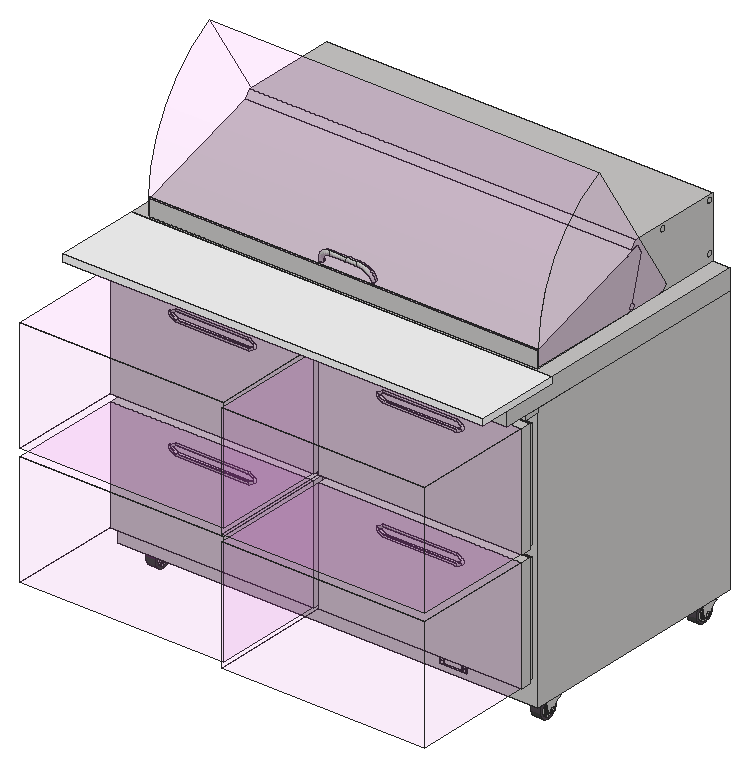
Revit family "QF_Kelvinator_738287_KCHMT48.18.4D", category Specialty Equipment, Revit 2021
Family settings
  Round Connector Dimension = Use Diameter
  Part Type = Normal
  Work Plane-Based = No
  Always vertical = Yes
  Cut with Voids When Loaded = No
  Shared = No
  Room Calculation Point = No
Parameters
  Weight in Pounds = 359.353
  Weight = 163.00 lbm
  Watts = 0 W
  Volts = 115 V
  URL Manufacturer = "KELVINATOR"
  URL Cutsheet = ""
  URL = "KELVINATOR"
  Specification by User = ""
  Specification by Manufacturer = ""
  Serial Number = ""
  Seismic Rating = ""
  SMACNA No = ""
  Revision Code = ""
  Refrigerant Type = "R290"
  Phase = 1
  Number of Poles = 1
  NAFEM Spec ID Number = ""
  Model = "KCHMT48.18.4D"
  Min Ckt Ampacity = 0 A
  Max Overcurrent Protection = 0 A
  Masterspec = ""
  Manufacturer = "Kelvinator"
  Length Actual = 1225"
  Length = 48 1/4"
  Item Number = "738287"
  Installed By = ""
  Identify Quantity as Lot = yes
  Height Actual = 1100"
  Height = 43.307"
  HP = "1 HP"
  Gas KW = 0
  Furnished By = ""
  Foodservice Equipment Identifier = yes
  FL Amps = 4.3 A
  Electrical Remarks = ""
  Electric Connection Type = ""
  Elec Conn RI Height = 0"
  Elec Conn Connection Height = 0"
  Description = "4-DRAWER MEGA TOP PREP TABLE 48\" LONG  18-1/6 PAN"
  Depth Actual = 900"
  Depth = 35.433"
  Default Elevation = 0"
  Cycle = 60 Hz
  Conn Plug = "5-15P"
  Conn Conduit = yes
  CSI MasterFormat = ""
  Apparent Power = 0 VA
  Accessory = no
Reference planes (in)
  plane 1 "BACK": y = 0
  plane 2: z = 0
  plane 3 "LEFT": x = 0
  plane 4 "RIGHT": x = 48.25
  plane 5 "FRONT": y = -35.433
  plane 6 "TOP": z = 43.307
  plane 7 "Center Y": x = 24.125
  plane 8 "Center X": y = -17.7165
Dimensions and locks (in)
  equal spacing: plane 3 "LEFT", plane 7 "Center Y", plane 4 "RIGHT"
  "Length": plane 3 "LEFT" to plane 4 "RIGHT"
  equal spacing: plane 5 "FRONT", plane 8 "Center X", plane 1 "BACK"
  "Depth": plane 5 "FRONT" to plane 1 "BACK"
  "Height": plane 6 "TOP" to level
  aligned and locked: level to plane 2
Nested families (in)
  nested 1: "KCHST" at (0, 0, 0), type "KCHST"
    with Show Clearance yes
Connectors (in)
  electrical at (24.103, -0.87772, 2.31881), driven by "Volts", driven by "Watts"
    settings: on nested 1, index 1, voltage 115 V, apparent load 0 VA, apparent load phase1 0 VA, apparent load phase2 0 VA, apparent load phase3 0 VA, power factor 1, load classification "Power", number of poles 1, system type 30, power factor state 1, is connector primary yes, connector utility no, sub classification motor no, connector description "Electrical Connection"
Definition of nested family "KCHST"
  Parameters (values of type "KCHST")
    Weight in Pounds = 0
    URL Cutsheet = ""
    Specification by User = ""
    Specification by Manufacturer = ""
    Show Clearance [instance] = yes
    Serial Number = ""
    Seismic Rating = ""
    SMACNA No = ""
    Revision Code = ""
    NAFEM Spec ID Number = ""
    Masterspec = ""
    Length = 48.228"
    Item Number = ""
    Installed By = ""
    Identify Quantity as Lot = yes
    Height = 43.307"
    Furnished By = ""
    Foodservice Equipment Identifier = yes
    Depth = 35.433"
    Default Elevation = 0"
    CSI MasterFormat = ""
  Reference planes (in)
    plane 1 "BACK": y = 0
    plane 2: z = 0
    plane 3 "LEFT": x = 0
    plane 4 "RIGHT": x = 48.228
    plane 5 "FRONT": y = -35.433
    plane 6 "TOP": z = 43.307
    plane 7 "Center Y": x = 24.114
    plane 8 "Center X": y = -17.7165
    plane 9: z = 3.1
    plane 10: z = 33.9
    plane 11: y = -25.5
    plane 12: z = 36.307
    plane 13: y = -56
    plane 14: y = -29.2
    plane 15: z = 32.4
    plane 16: z = 5.6
    plane 17: y = -27.5
    plane 18: x = 46.228
    plane 19: x = 2
    plane 20: x = 0.5
    plane 21: x = 47.75
    plane 22: x = 23.875
    plane 23: x = 0.74536
    plane 24: x = 23.62964
    plane 25: x = 12.1875
    plane 26: x = 47.50464
    plane 27: x = 24.62036
    plane 28: x = 36.0625
    plane 29: x = 46.375
    plane 30: x = 1.875
    plane 31: x = 1.945
    plane 32: x = 46.305
    plane 33: y = -31.9
    plane 34: z = 19.4
    plane 35: z = 18.6
    plane 36: z = 32.20449
    plane 37: z = 19.6
    plane 38: z = 18.40449
    plane 39: z = 5.8
    plane 40: x = 46.5
    plane 41: x = 1.75
  Forms (in)
    Extrusion 1, solid
      sketch origin (0, 0, 0) x (0, 1, 0) y (0, 0, 1)
        loop
          line (-27.5, 33.9) -> (-27.5, 3.1) -> (0, 3.1) -> (0, 33.9) -> (-27.5, 33.9)
      from 0 to 48.228
    Extrusion 2, solid
      sketch origin (0, 0, 0) x (0, 1, 0) y (0, 0, 1)
        loop
          line (-25.5, 36.307) -> (-25.5, 35.557) -> (-31.9, 35.557) -> (-31.9, 33.9) -> (0, 33.9) -> (0, 36.307) -> (-25.5, 36.307)
      from 0 to 48.228
    Extrusion 3, solid
      sketch origin (0, 0, 0) x (0, 1, 0) y (0, 0, 1)
        loop
          line (-35.433, 36.307) -> (-35.433, 35.557) -> (-25.5, 35.557) -> (-25.5, 36.307) -> (-35.433, 36.307)
      from 0 to 48.228
    Extrusion 4, solid
      sketch origin (0, 0, 0) x (0, 1, 0) y (0, 0, 1)
        loop
          line (-25.25, 36.307) -> (-12.40435, 36.3073)
          arc (-12.40435, 36.3073) -> (-12.06401, 36.40719) -> (-11.82007, 36.66468) r 0.68096
          line (-11.82007, 36.66468) -> (-10.4206, 41.90007) -> (-10.85311, 42.7135) -> (-25.25, 38.19571) -> (-25.25, 36.307)
      from 1.875 to 46.375
    Extrusion 5, solid
      sketch origin (0, 0, 0) x (0, 1, 0) y (0, 0, 1)
        loop
          line (-12.40434, 36.307) -> (0, 36.307) -> (0, 43.307) -> (-10.99775, 43.307) -> (-11.56426, 42.49794) -> (-10.85311, 42.7135) -> (-10.4206, 41.90007) -> (-11.82007, 36.66468)
          arc (-11.82007, 36.66468) -> (-12.06401, 36.40719) -> (-12.40434, 36.307) r 0.68096
      from 1.945 to 46.305
    Extrusion 6, solid
      sketch origin (46.375, 4.71875, 0) x (0, 1, 0) y (0, 0, 1)
        loop
          circle (-16.51178, 36.83247) r 0.25
      from 0 to 0.07437
    Extrusion 7, solid
      sketch origin (46.305, -0.03482, 0) x (0, 1, 0) y (0, 0, 1)
        loop
          circle (-0.51178, 37.33247) r 0.25
      from 0 to 0.07
    Extrusion 8, solid
      sketch origin (46.305, -0.03482, 0) x (0, 1, 0) y (0, 0, 1)
        loop
          circle (-0.51178, 42.84497) r 0.25
      from 0 to 0.07
    Extrusion 9, solid
      sketch origin (46.305, -0.03482, 0) x (0, 1, 0) y (0, 0, 1)
        loop
          circle (-7.26178, 42.84497) r 0.25
      from 0 to 0.07
    Extrusion 10, solid
      sketch origin (1.875, 4.71875, 0) x (0, -1, 0) y (0, 0, 1)
        loop
          circle (16.51178, 36.83247) r 0.25
      from 0 to 0.07437
    Extrusion 11, solid
      sketch origin (1.945, 0, 0) x (0, -1, 0) y (0, 0, 1)
        loop
          circle (0.5466, 37.33247) r 0.25
      from 0 to 0.07
    Extrusion 12, solid
      sketch origin (1.945, 0, 0) x (0, -1, 0) y (0, 0, 1)
        loop
          circle (0.5466, 42.84497) r 0.25
      from 0 to 0.07
    Extrusion 13, solid
      sketch origin (1.945, 0, 0) x (0, -1, 0) y (0, 0, 1)
        loop
          circle (7.2966, 42.84497) r 0.25
      from 0 to 0.07
    Sweep 14, solid
      path origin (0, 2.96099, 7.94805) x (1, 0, 0) y (0, -0.29008, 0.957002)
        loop
          line (21.8125, 37.02813) -> (21.8125, 37.18438)
          arc (21.8125, 37.18438) -> (22.03217, 37.71471) -> (22.5625, 37.93438) r 0.75
          line (22.5625, 37.93438) -> (24.4375, 37.93438) -> (25.6875, 37.93438)
          arc (25.6875, 37.93438) -> (26.21783, 37.71471) -> (26.4375, 37.18438) r 0.75
          line (26.4375, 37.18438) -> (26.4375, 37.02813)
      profile origin (25.0625, -8.04303, 44.25134) x (0, -0.29008, 0.957002) y (0, -0.957002, -0.29008)
        loop
          circle (0.69146, 17.59878) r 0.25
    Extrusion 15, solid
      sketch origin (0, 0, 0) x (0, 1, 0) y (0, 0, 1)
        loop
          line (-29.2, 33.9) -> (-29.2, 33.4) -> (-27.5, 33.4) -> (-27.5, 33.9) -> (-29.2, 33.9)
      from 0 to 48.228
    Extrusion 16, solid
      sketch origin (24.114, 6.90541, 48) x (0, 1, 0) y (0, 0, 1)
        loop
          line (-36.10541, -15.6) -> (-36.10541, -28.6) -> (-34.95211, -28.6) -> (-34.95211, -15.6) -> (-36.10541, -15.6)
      from -0.239 to -23.614
    Extrusion 17, solid
      sketch origin (0, 0, 0) x (0, 1, 0) y (0, 0, 1)
        loop
          line (-28.04671, 32.20449) -> (-28.04671, 19.6) -> (-27.79671, 19.6) -> (-27.79671, 32.20449) -> (-28.04671, 32.20449)
      from 0.74536 to 23.62964
    Extrusion 18, solid
      sketch origin (0, 0.25, 0) x (0, 1, 0) y (0, 0, 1)
        loop
          line (-28.04671, 32.20449) -> (-28.04671, 19.6) -> (-27.864, 19.6) -> (-27.864, 32.20449) -> (-28.04671, 32.20449)
      from 0.74536 to 23.62964
    Extrusion 19, solid
      sketch origin (0, 0.4327, 0) x (0, 1, 0) y (0, 0, 1)
        loop
          line (-28.04671, 32.20449) -> (-28.04671, 19.6) -> (-27.9327, 19.6) -> (-27.9327, 32.20449) -> (-28.04671, 32.20449)
      from 0.74536 to 23.62964
    Extrusion 20, solid
      sketch origin (-5.72957, -27.5, -4.77927) x (-1, 0, 0) y (0, 0, 1)
        loop
          line (-42.67533, 9.70772) -> (-45.82493, 9.70772) -> (-45.82493, 8.52662) -> (-42.67533, 8.52662) -> (-42.67533, 9.70772)
        loop
          line (-42.75407, 9.63107) -> (-43.14777, 9.63107) -> (-43.14777, 9.31193) -> (-42.75407, 9.31193) -> (-42.75407, 9.63107)
        loop
          line (-42.75407, 9.27674) -> (-43.14777, 9.27674) -> (-43.14777, 8.9576) -> (-42.75407, 8.9576) -> (-42.75407, 9.27674)
        loop
          line (-42.75407, 8.92241) -> (-43.14777, 8.92241) -> (-43.14777, 8.60327) -> (-42.75407, 8.60327) -> (-42.75407, 8.92241)
        loop
          line (-45.74619, 9.63107) -> (-45.74619, 9.31193) -> (-45.35249, 9.31193) -> (-45.35249, 9.63107) -> (-45.74619, 9.63107)
        loop
          line (-45.74619, 9.27674) -> (-45.74619, 8.9576) -> (-45.35249, 8.9576) -> (-45.35249, 9.27674) -> (-45.74619, 9.27674)
        loop
          line (-45.74619, 8.92241) -> (-45.74619, 8.60327) -> (-45.35249, 8.60327) -> (-45.35249, 8.92241) -> (-45.74619, 8.92241)
        loop
          line (-43.22525, 9.63107) -> (-45.27501, 9.63107) -> (-45.27501, 8.60716) -> (-43.22525, 8.60716) -> (-43.22525, 9.63107)
      from 0.07874 to -0.04602
    Extrusion 21, solid
      sketch origin (-5.72957, -27.54602, -4.77927) x (1, 0, 0) y (0, 0, 1)
        loop
          line (45.35249, 9.63107) -> (45.35249, 9.31193) -> (45.74619, 9.31193) -> (45.74619, 9.63107) -> (45.35249, 9.63107)
        loop
          line (45.35249, 9.27674) -> (45.35249, 8.9576) -> (45.74619, 8.9576) -> (45.74619, 9.27674) -> (45.35249, 9.27674)
        loop
          line (45.35249, 8.92241) -> (45.35249, 8.60327) -> (45.74619, 8.60327) -> (45.74619, 8.92241) -> (45.35249, 8.92241)
        loop
          line (43.14777, 9.63107) -> (42.75407, 9.63107) -> (42.75407, 9.31193) -> (43.14777, 9.31193) -> (43.14777, 9.63107)
        loop
          line (43.14777, 9.27674) -> (42.75407, 9.27674) -> (42.75407, 8.9576) -> (43.14777, 8.9576) -> (43.14777, 9.27674)
        loop
          line (43.14777, 8.92241) -> (42.75407, 8.92241) -> (42.75407, 8.60327) -> (43.14777, 8.60327) -> (43.14777, 8.92241)
      from 0 to -0.07874
    Extrusion 22, solid
      sketch origin (-5.72957, -27.54602, -4.77927) x (1, 0, 0) y (0, 0, 1)
        loop
          line (43.22525, 9.63107) -> (43.22525, 8.60716) -> (45.27501, 8.60716) -> (45.27501, 9.63107) -> (43.22525, 9.63107)
      from 0 to -0.07874
    Extrusion 23, void
      sketch origin (-5.72957, -27.5, -4.77927) x (-1, 0, 0) y (0, 0, 1)
        loop
          line (-42.67533, 9.70772) -> (-45.82493, 9.70772) -> (-45.82493, 8.52662) -> (-42.67533, 8.52662) -> (-42.67533, 9.70772)
      from 0 to 0.07874
    Extrusion 24, void
      sketch origin (-37.40318, -29.19996, 32.48685) x (0, 0, 1) y (1, 0, 0)
        loop
          line (-1.94791, 45.41568) -> (-1.94791, 53.76568) -> (-2.28604, 54.30668)
          arc (-2.28604, 54.30668) -> (-2.38541, 54.36176) -> (-2.48479, 54.30668) r 0.11719
          line (-2.48479, 54.30668) -> (-2.82291, 53.76568) -> (-2.82291, 45.41568) -> (-2.48621, 44.87696)
          arc (-2.48621, 44.87696) -> (-2.38541, 44.82109) -> (-2.28462, 44.87696) r 0.11887
          line (-2.28462, 44.87696) -> (-1.94791, 45.41568)
      from 0 to 0.31887
    Sweep 25, solid
      path origin (-37.40318, -26.39996, 32.48685) x (0, 0, -1) y (1, 0, 0)
        loop
          line (2.82291, 53.76568) -> (2.48479, 54.30668)
          arc (2.48479, 54.30668) -> (2.38541, 54.36176) -> (2.28604, 54.30668) r 0.11719
          line (2.28604, 54.30668) -> (1.94791, 53.76568) -> (1.94791, 45.41568) -> (2.28462, 44.87696)
          arc (2.28462, 44.87696) -> (2.38541, 44.82109) -> (2.48621, 44.87696) r 0.11887
          line (2.48621, 44.87696) -> (2.82291, 45.41568) -> (2.82291, 53.76568)
      profile origin (12.1875, -26.39996, 29.66394) x (0, 0, -1) y (0, -1, 0)
        loop
          line (0, 2.8) -> (0.25, 2.8)
          arc (0.25, 2.8) -> (0.125, 2.85269) -> (0, 2.8) r 0.17461
    Extrusion 26, solid
      sketch origin (-9.65625, -3.56521, 3.1) x (-1, 0, 0) y (0, 1, 0)
        loop
          circle (-33.75925, 2.68749) r 0.25
      from 0 to 0.78119
    Extrusion 27, solid
      sketch origin (24.114, 6.90541, 48) x (0, 1, 0) y (0, 0, -1)
        loop
          line (-36.10541, 15.6) -> (-34.95211, 15.6) -> (-34.95211, 28.6) -> (-36.10541, 28.6) -> (-36.10541, 15.6)
      from -0.25 to -23.625
    Extrusion 28, solid
      sketch origin (48.25, 0, 0) x (0, 1, 0) y (0, 0, -1)
        loop
          line (-28.04671, -32.20449) -> (-27.79671, -32.20449) -> (-27.79671, -19.6) -> (-28.04671, -19.6) -> (-28.04671, -32.20449)
      from 0.74536 to 23.62964
    Extrusion 29, solid
      sketch origin (48.25, 0.25, 0) x (0, 1, 0) y (0, 0, -1)
        loop
          line (-28.04671, -32.20449) -> (-27.864, -32.20449) -> (-27.864, -19.6) -> (-28.04671, -19.6) -> (-28.04671, -32.20449)
      from 0.74536 to 23.62964
    Extrusion 30, solid
      sketch origin (48.25, 0.4327, 0) x (0, 1, 0) y (0, 0, -1)
        loop
          line (-28.04671, -32.20449) -> (-27.9327, -32.20449) -> (-27.9327, -19.6) -> (-28.04671, -19.6) -> (-28.04671, -32.20449)
      from 0.74536 to 23.62964
    Extrusion 31, void
      sketch origin (85.65318, -29.19996, 32.48685) x (0, 0, 1) y (1, 0, 0)
        loop
          line (-1.94791, -45.41568) -> (-2.28462, -44.87696)
          arc (-2.28462, -44.87696) -> (-2.38541, -44.82109) -> (-2.48621, -44.87696) r 0.11887
          line (-2.48621, -44.87696) -> (-2.82291, -45.41568) -> (-2.82291, -53.76568) -> (-2.48479, -54.30668)
          arc (-2.48479, -54.30668) -> (-2.38541, -54.36176) -> (-2.28604, -54.30668) r 0.11719
          line (-2.28604, -54.30668) -> (-1.94791, -53.76568) -> (-1.94791, -45.41568)
      from 0 to 0.31887
    Sweep 32, solid
      path origin (85.65318, -26.39996, 32.48685) x (0, 0, -1) y (1, 0, 0)
        loop
          line (2.82291, -53.76568) -> (2.82291, -45.41568) -> (2.48621, -44.87696)
          arc (2.48621, -44.87696) -> (2.38541, -44.82109) -> (2.28462, -44.87696) r 0.11887
          line (2.28462, -44.87696) -> (1.94791, -45.41568) -> (1.94791, -53.76568) -> (2.28604, -54.30668)
          arc (2.28604, -54.30668) -> (2.38541, -54.36176) -> (2.48479, -54.30668) r 0.11719
          line (2.48479, -54.30668) -> (2.82291, -53.76568)
      profile origin (36.0625, -26.39996, 29.66394) x (0, 0, 1) y (0, -1, 0)
        loop
          arc (0, 2.8) -> (-0.125, 2.85269) -> (-0.25, 2.8) r 0.17461
          line (-0.25, 2.8) -> (0, 2.8)
    Extrusion 33, solid
      sketch origin (24.114, 6.90541, 34.2) x (0, 1, 0) y (0, 0, 1)
        loop
          line (-36.10541, -15.6) -> (-36.10541, -28.6) -> (-34.95211, -28.6) -> (-34.95211, -15.6) -> (-36.10541, -15.6)
      from -0.25 to -23.625
    Extrusion 34, solid
      sketch origin (0, 0, -13.8) x (0, 1, 0) y (0, 0, 1)
        loop
          line (-28.04671, 32.20449) -> (-28.04671, 19.6) -> (-27.79671, 19.6) -> (-27.79671, 32.20449) -> (-28.04671, 32.20449)
      from 0.74536 to 23.62964
    Extrusion 35, solid
      sketch origin (0, 0.25, -13.8) x (0, 1, 0) y (0, 0, 1)
        loop
          line (-28.04671, 32.20449) -> (-28.04671, 19.6) -> (-27.864, 19.6) -> (-27.864, 32.20449) -> (-28.04671, 32.20449)
      from 0.74536 to 23.62964
    Extrusion 36, solid
      sketch origin (0, 0.4327, -13.8) x (0, 1, 0) y (0, 0, 1)
        loop
          line (-28.04671, 32.20449) -> (-28.04671, 19.6) -> (-27.9327, 19.6) -> (-27.9327, 32.20449) -> (-28.04671, 32.20449)
      from 0.74536 to 23.62964
    Extrusion 37, void
      sketch origin (-37.40318, -29.19996, 18.68685) x (0, 0, 1) y (1, 0, 0)
        loop
          line (-1.94791, 45.41568) -> (-1.94791, 53.76568) -> (-2.28604, 54.30668)
          arc (-2.28604, 54.30668) -> (-2.38541, 54.36176) -> (-2.48479, 54.30668) r 0.11719
          line (-2.48479, 54.30668) -> (-2.82291, 53.76568) -> (-2.82291, 45.41568) -> (-2.48621, 44.87696)
          arc (-2.48621, 44.87696) -> (-2.38541, 44.82109) -> (-2.28462, 44.87696) r 0.11887
          line (-2.28462, 44.87696) -> (-1.94791, 45.41568)
      from 0 to 0.31887
    Sweep 38, solid
      path origin (-37.40318, -26.39996, 18.68685) x (0, 0, -1) y (1, 0, 0)
        loop
          line (2.82291, 53.76568) -> (2.48479, 54.30668)
          arc (2.48479, 54.30668) -> (2.38541, 54.36176) -> (2.28604, 54.30668) r 0.11719
          line (2.28604, 54.30668) -> (1.94791, 53.76568) -> (1.94791, 45.41568) -> (2.28462, 44.87696)
          arc (2.28462, 44.87696) -> (2.38541, 44.82109) -> (2.48621, 44.87696) r 0.11887
          line (2.48621, 44.87696) -> (2.82291, 45.41568) -> (2.82291, 53.76568)
      profile origin (12.1875, -26.39996, 15.86394) x (0, 0, -1) y (0, -1, 0)
        loop
          line (0, 2.8) -> (0.25, 2.8)
          arc (0.25, 2.8) -> (0.125, 2.85269) -> (0, 2.8) r 0.17461
    Extrusion 39, solid
      sketch origin (24.114, 6.90541, 34.2) x (0, 1, 0) y (0, 0, -1)
        loop
          line (-36.10541, 15.6) -> (-34.95211, 15.6) -> (-34.95211, 28.6) -> (-36.10541, 28.6) -> (-36.10541, 15.6)
      from -0.25 to -23.625
    Extrusion 40, solid
      sketch origin (48.25, 0, -13.8) x (0, 1, 0) y (0, 0, -1)
        loop
          line (-28.04671, -32.20449) -> (-27.79671, -32.20449) -> (-27.79671, -19.6) -> (-28.04671, -19.6) -> (-28.04671, -32.20449)
      from 0.74536 to 23.62964
    Extrusion 41, solid
      sketch origin (48.25, 0.25, -13.8) x (0, 1, 0) y (0, 0, -1)
        loop
          line (-28.04671, -32.20449) -> (-27.864, -32.20449) -> (-27.864, -19.6) -> (-28.04671, -19.6) -> (-28.04671, -32.20449)
      from 0.74536 to 23.62964
    Extrusion 42, solid
      sketch origin (48.25, 0.4327, -13.8) x (0, 1, 0) y (0, 0, -1)
        loop
          line (-28.04671, -32.20449) -> (-27.9327, -32.20449) -> (-27.9327, -19.6) -> (-28.04671, -19.6) -> (-28.04671, -32.20449)
      from 0.74536 to 23.62964
    Extrusion 43, void
      sketch origin (85.65318, -29.19996, 18.68685) x (0, 0, 1) y (1, 0, 0)
        loop
          line (-1.94791, -45.41568) -> (-2.28462, -44.87696)
          arc (-2.28462, -44.87696) -> (-2.38541, -44.82109) -> (-2.48621, -44.87696) r 0.11887
          line (-2.48621, -44.87696) -> (-2.82291, -45.41568) -> (-2.82291, -53.76568) -> (-2.48479, -54.30668)
          arc (-2.48479, -54.30668) -> (-2.38541, -54.36176) -> (-2.28604, -54.30668) r 0.11719
          line (-2.28604, -54.30668) -> (-1.94791, -53.76568) -> (-1.94791, -45.41568)
      from 0 to 0.31887
    Sweep 44, solid
      path origin (85.65318, -26.39996, 18.68685) x (0, 0, -1) y (1, 0, 0)
        loop
          line (2.82291, -53.76568) -> (2.82291, -45.41568) -> (2.48621, -44.87696)
          arc (2.48621, -44.87696) -> (2.38541, -44.82109) -> (2.28462, -44.87696) r 0.11887
          line (2.28462, -44.87696) -> (1.94791, -45.41568) -> (1.94791, -53.76568) -> (2.28604, -54.30668)
          arc (2.28604, -54.30668) -> (2.38541, -54.36176) -> (2.48479, -54.30668) r 0.11719
          line (2.48479, -54.30668) -> (2.82291, -53.76568)
      profile origin (36.0625, -26.39996, 15.86394) x (0, 0, 1) y (0, -1, 0)
        loop
          arc (0, 2.8) -> (-0.125, 2.85269) -> (-0.25, 2.8) r 0.17461
          line (-0.25, 2.8) -> (0, 2.8)
    Extrusion 45, solid, visible <- "Show Clearance"
      sketch origin (0.5, 6.90541, 48) x (0, -1, 0) y (0, 0, 1)
        loop
          line (36.10541, -15.6) -> (36.10541, -28.6) -> (49.10541, -28.6) -> (49.10541, -15.6) -> (36.10541, -15.6)
        loop
          line (36.10541, -29.4) -> (36.10541, -42.4) -> (49.10541, -42.4) -> (49.10541, -29.4) -> (36.10541, -29.4)
      from 0 to -23.375
    Extrusion 46, solid, visible <- "Show Clearance"
      sketch origin (24.375, 6.90541, 48) x (0, -1, 0) y (0, 0, 1)
        loop
          line (36.10541, -15.6) -> (36.10541, -28.6) -> (50.03841, -28.6) -> (50.03841, -15.6) -> (36.10541, -15.6)
        loop
          line (36.10541, -29.4) -> (36.10541, -42.4) -> (50.03841, -42.4) -> (50.03841, -29.4) -> (36.10541, -29.4)
      from 0 to -23.375
    Extrusion 47, solid, visible <- "Show Clearance"
      sketch origin (1.875, 0, 0) x (0, -1, 0) y (0, 0, 1)
        loop
          line (7.46898, 36.4265) -> (25.25, 36.4265) -> (25.25, 38.31521)
          arc (25.25, 38.31521) -> (22.89455, 46.7261) -> (16.51337, 52.69032) r 16.19461
          line (16.51337, 52.69032) -> (6.79521, 37.0548) -> (7.46898, 36.4265)
      from 0.125 to -44.625
  Cuts and joins
    Extrusion 23 cuts Extrusion 20
    Extrusion 24, Extrusion 31, Extrusion 37 cuts Extrusion 16
    Extrusion 31, Extrusion 43 cuts Extrusion 27
    joined: Extrusion 4, Sweep 14
    Extrusion 37 cuts Extrusion 33
    Extrusion 43 cuts Extrusion 39
  Lines and regions (in)
    symbolic lines
      curve 1: line (48.25, -35.433, 0) -> (48.25, 0, 0)
      curve 2: line (48.25, 0, 0) -> (0, 0, 0)
      curve 3: line (0, 0, 0) -> (0, -35.433, 0)
      curve 4: line (0, -25.5, 0) -> (25.94295, -25.5, 0)
      curve 5: line (0, -35.433, 0) -> (48.25, -35.433, 0)
      curve 6: line (0, -25.25, 0) -> (21.67592, -25.25, 0)
      curve 7: line (1.945, -11.09776, 0) -> (46.305, -11.09776, 0)
      curve 8: line (1.945, -10.53125, 0) -> (46.305, -10.53125, 0)
      curve 9: line (46.305, -11.09776, 0) -> (46.305, 0, 0)
      curve 10: line (46.375, -11.54303, 0) -> (46.44937, -11.54303, 0)
      curve 11: line (46.375, -12.04303, 0) -> (46.44937, -12.04303, 0)
      curve 12: line (46.375, -9.9541, 0) -> (46.305, -9.9541, 0)
      curve 13: line (46.375, -10.38661, 0) -> (46.305, -10.38661, 0)
      curve 14: line (46.375, -7.51178, 0) -> (46.305, -7.51178, 0)
      curve 15: line (46.375, -7.01178, 0) -> (46.305, -7.01178, 0)
      curve 16: line (46.375, -0.76178, 0) -> (46.305, -0.76178, 0)
      curve 17: line (46.375, -0.26178, 0) -> (46.305, -0.26178, 0)
      curve 18: spline (20.87104, -24.59101, 0) -> (20.87956, -24.53388, 0) -> (20.90453, -24.48064, 0) -> (20.94426, -24.43492, 0) -> (20.99604, -24.39984, 0) -> (21.05634, -24.37779, 0) -> (21.12104, -24.37027, 0) -> (21.18575, -24.37779, 0) -> (21.24604, -24.39984, 0) -> (21.29782, -24.43492, 0) -> (21.33755, -24.48064, 0) -> (21.36252, -24.53388, 0) -> (21.37104, -24.59101, 0)
      curve 19: spline (26.87896, -24.59101, 0) -> (26.88748, -24.53388, 0) -> (26.91245, -24.48064, 0) -> (26.95218, -24.43492, 0) -> (27.00396, -24.39984, 0) -> (27.06425, -24.37779, 0) -> (27.12896, -24.37027, 0) -> (27.19366, -24.37779, 0) -> (27.25396, -24.39984, 0) -> (27.30574, -24.43492, 0) -> (27.34547, -24.48064, 0) -> (27.37044, -24.53388, 0) -> (27.37896, -24.59101, 0)
      curve 20: line (24.125, -24.83838, 0) -> (25.74335, -24.83838, 0)
      curve 21: line (24.125, -25.33177, 0) -> (25.875, -25.33177, 0)
      curve 22: line (27.37896, -24.59101, 0) -> (27.37896, -24.6221, 0)
      curve 23: line (26.87896, -24.59101, 0) -> (26.87896, -24.6221, 0)
      curve 24: arc (27.37896, -24.6221, 0) -> (27.32166, -24.83675, 0) -> (27.19407, -25.01861, 0) r 0.63628
      curve 25: line (24.125, -24.83838, 0) -> (22.50665, -24.83838, 0)
      curve 26: line (24.125, -25.33177, 0) -> (22.375, -25.33177, 0)
      curve 27: line (20.87104, -24.59101, 0) -> (20.87104, -24.6221, 0)
      curve 28: line (21.37104, -24.59101, 0) -> (21.37104, -24.6221, 0)
      curve 29: arc (20.87104, -24.6221, 0) -> (20.92834, -24.83675, 0) -> (21.05593, -25.01861, 0) r 0.63628
      curve 30: line (26.57408, -25.25, 0) -> (48.25, -25.25, 0)
      curve 31: line (25.94295, -25.5, 0) -> (48.25, -25.5, 0)
      curve 38: line (46.375, -7.01178, 0) -> (46.375, -7.51178, 0)
      curve 39: line (46.375, -9.9541, 0) -> (46.375, -25.25, 0)
      curve 40: line (46.44937, -11.54303, 0) -> (46.44937, -12.04303, 0)
      curve 41: line (46.375, -0.76178, 0) -> (46.375, -0.26178, 0)
      curve 42: line (1.945, -11.09776, 0) -> (1.945, 0, 0)
      curve 43: line (1.875, -11.54303, 0) -> (1.80063, -11.54303, 0)
      curve 44: line (1.875, -12.04303, 0) -> (1.80063, -12.04303, 0)
      curve 45: line (1.875, -9.9541, 0) -> (1.945, -9.9541, 0)
      curve 46: line (1.875, -10.38661, 0) -> (1.945, -10.38661, 0)
      curve 47: line (1.875, -7.5466, 0) -> (1.945, -7.5466, 0)
      curve 48: line (1.875, -7.01178, 0) -> (1.945, -7.01178, 0)
      curve 49: line (1.875, -0.7966, 0) -> (1.945, -0.7966, 0)
      curve 50: line (1.875, -0.26178, 0) -> (1.945, -0.26178, 0)
      curve 51: line (1.875, -7.0466, 0) -> (1.875, -7.5466, 0)
      curve 52: line (1.875, -9.9541, 0) -> (1.875, -25.25, 0)
      curve 53: line (1.80063, -11.54303, 0) -> (1.80063, -12.04303, 0)
      curve 54: line (1.875, -0.76178, 0) -> (1.875, -0.26178, 0)
      curve 55: arc (26.87896, -24.6221, 0) -> (26.69483, -24.70788, 0) -> (26.49865, -24.76053, 0) r 1.17053
      curve 56: arc (26.49865, -24.76053, 0) -> (26.23891, -24.79945, 0) -> (25.97747, -24.82452, 0) r 4.94283
      curve 57: arc (25.97747, -24.82452, 0) -> (25.86044, -24.83203, 0) -> (25.74335, -24.83838, 0) r 11.84778
      curve 58: arc (27.19407, -25.01861, 0) -> (26.97176, -25.13471, 0) -> (26.73381, -25.21397, 0) r 1.57185
      curve 59: arc (26.73381, -25.21397, 0) -> (26.30751, -25.29552, 0) -> (25.875, -25.33177, 0) r 4.1201
      curve 60: line (21.37104, -24.59101, 0) -> (21.37104, -24.6221, 0)
      curve 61: arc (21.37104, -24.6221, 0) -> (21.55517, -24.70788, 0) -> (21.75135, -24.76053, 0) r 1.17053
      curve 62: arc (21.75135, -24.76053, 0) -> (22.01109, -24.79945, 0) -> (22.27253, -24.82452, 0) r 4.94283
      curve 63: arc (22.27253, -24.82452, 0) -> (22.38956, -24.83203, 0) -> (22.50665, -24.83838, 0) r 11.84778
      curve 64: arc (21.05593, -25.01861, 0) -> (21.27824, -25.13471, 0) -> (21.51619, -25.21397, 0) r 1.57185
      curve 65: arc (21.51619, -25.21397, 0) -> (21.94249, -25.29552, 0) -> (22.375, -25.33177, 0) r 4.1201
    symbolic lines, visible <- "Show Clearance"
      curve 32: line (0.5, -42.2, 0) -> (23.875, -42.2, 0)
      curve 33: line (23.875, -42.2, 0) -> (23.875, -35.433, 0)
      curve 34: line (0.5, -42.2, 0) -> (0.5, -35.433, 0)
      curve 35: line (24.375, -42.2, 0) -> (47.75, -42.2, 0)
      curve 36: line (47.75, -42.2, 0) -> (47.75, -35.433, 0)
      curve 37: line (24.375, -42.2, 0) -> (24.375, -35.433, 0)
  Dimensions and locks (in)
    equal spacing: plane 3 "LEFT", plane 7 "Center Y", plane 4 "RIGHT"
    "Length": plane 3 "LEFT" to plane 4 "RIGHT"
    equal spacing: plane 5 "FRONT", plane 8 "Center X", plane 1 "BACK"
    "Depth": plane 5 "FRONT" to plane 1 "BACK"
    "Height": plane 6 "TOP" to level
    plane 5 "FRONT" to plane 1 "BACK" = 35.433"
    plane 11 to plane 1 "BACK" = 25 1/2"
    plane 13 to plane 1 "BACK" = 56"
    locked: plane 4 "RIGHT" to plane 18 at 2
    locked: plane 3 "LEFT" to plane 19 at 2
    plane 20 to plane 21 = 47 1/4"
    plane 30 to plane 29 = 44 1/2"
    plane 33 to plane 1 "BACK" = 31.9"
    plane 12 to plane 6 "TOP" = 7"
    level to plane 12 = 36.307"
    plane 34 to plane 15 = 13"
    plane 16 to plane 35 = 13"
    aligned and locked: level to plane 2
    aligned and locked: plane 18 to nested 3
    aligned and locked: plane 18 to nested 1
    aligned and locked: nested 4 to plane 19
    aligned and locked: nested 2 to plane 19
    aligned and locked: Extrusion 1 to plane 4 "RIGHT"
    aligned and locked: Extrusion 2 to plane 4 "RIGHT"
    aligned and locked: Extrusion 15 to plane 4 "RIGHT"
    aligned and locked: Extrusion 3 to plane 4 "RIGHT"
    aligned and locked: cut or joined group of Extrusion 16, Extrusion 24, Extrusion 31, Extrusion 37 to plane 20
    aligned and locked: plane 22 to cut or joined group of Extrusion 16, Extrusion 24, Extrusion 31, Extrusion 37
    aligned and locked: plane 24 to Extrusion 18
    aligned and locked: plane 24 to Extrusion 17
    aligned and locked: plane 24 to Extrusion 19
    aligned and locked: plane 27 to Extrusion 29
    aligned and locked: plane 27 to Extrusion 28
    aligned and locked: plane 27 to Extrusion 30
    aligned and locked: cut or joined group of Extrusion 4, Sweep 14 to plane 29
    aligned and locked: plane 30 to cut or joined group of Extrusion 4, Sweep 14
    aligned and locked: plane 31 to Extrusion 5
    aligned and locked: Extrusion 5 to plane 32
  Automatic sketch dimensions
    plane 9 to Extrusion 1 sketch curve = 0"
    Extrusion 1 sketch curve to plane 17 = 0"
    Extrusion 1 sketch curve to plane 1 "BACK" = 0"
    Extrusion 1 sketch curve to plane 10 = 0"
    Extrusion 2 sketch curve to plane 10 = 0"
    Extrusion 2 sketch curve to plane 33 = 0"
    Extrusion 2 sketch curve to plane 11 = 0"
    Extrusion 2 sketch curve to plane 1 "BACK" = 0"
    plane 12 to Extrusion 2 sketch curve = 0"
    Extrusion 2 sketch curve to Extrusion 2 sketch curve = 3/4"
    Extrusion 3 sketch curve to plane 5 "FRONT" = 0"
    Extrusion 3 sketch curve to plane 11 = 0"
    plane 12 to Extrusion 3 sketch curve = 0"
    Extrusion 3 sketch curve to Extrusion 3 sketch curve = 3/4"
    plane 12 to Extrusion 4 sketch curve = 0"
    Extrusion 4 sketch curve to plane 11 = 1/4"
    Extrusion 4 sketch curve to plane 12 = 0.6811"
    plane 8 "Center X" to Extrusion 4 sketch curve = 5.29717"
    Extrusion 4 sketch curve to plane 12 = 0.35768"
    Extrusion 4 sketch curve to Extrusion 4 sketch curve = 0.59925"
    Extrusion 4 sketch curve to plane 6 "TOP" = 0.5935"
    Extrusion 4 sketch curve to Extrusion 4 sketch curve = 1.56621"
    Extrusion 4 sketch curve to plane 6 "TOP" = 1.40693"
    Extrusion 4 sketch curve to Extrusion 4 sketch curve = 0.43251"
    Extrusion 4 sketch curve to plane 12 = 1.88871"
    Extrusion 4 sketch curve to plane 12 = 0.0003"
    Extrusion 4 sketch curve to Extrusion 4 sketch curve = 0"
    plane 12 to Extrusion 5 sketch curve = 0"
    Extrusion 5 sketch curve to plane 6 "TOP" = 0"
    Extrusion 5 sketch curve to plane 1 "BACK" = 0"
    Extrusion 5 sketch curve to plane 6 "TOP" = 1.40693"
    plane 8 "Center X" to Extrusion 5 sketch curve = 7.2959"
    Extrusion 5 sketch curve to plane 6 "TOP" = 0.5935"
    Extrusion 5 sketch curve to Extrusion 5 sketch curve = 0.43251"
    Extrusion 5 sketch curve to Extrusion 5 sketch curve = 0.14464"
    Extrusion 5 sketch curve to plane 6 "TOP" = 0.80906"
    Extrusion 5 sketch curve to Extrusion 5 sketch curve = 0.71115"
    Extrusion 5 sketch curve to plane 12 = 0.35768"
    Extrusion 5 sketch curve to Extrusion 5 sketch curve = 1.39947"
    Extrusion 5 sketch curve to Extrusion 5 sketch curve = 0.59925"
    Extrusion 5 sketch curve to Extrusion 5 sketch curve = 0.32342"
    Extrusion 5 sketch curve to Extrusion 5 sketch curve = 0.01499"
    Extrusion 5 sketch curve to plane 12 = 0.0003"
    Extrusion 6 sketch curve to Extrusion 4 = 0.52547"
    Extrusion 6 sketch curve to Extrusion 4 = 13.45697"
    Extrusion 7 sketch curve to Extrusion 5 = 0.5466"
    Extrusion 7 sketch curve to Extrusion 5 = 1.02547"
    Extrusion 8 sketch curve to Extrusion 5 = 0.5466"
    Extrusion 8 sketch curve to Extrusion 5 = 0.46203"
    Extrusion 9 sketch curve to Extrusion 5 = 0.46203"
    Extrusion 9 sketch curve to Extrusion 5 = 7.2966"
    Extrusion 10 sketch curve to Extrusion 4 = 0.52547"
    Extrusion 10 sketch curve to Extrusion 4 = 13.45697"
    Extrusion 11 sketch curve to Extrusion 5 = 0.5466"
    Extrusion 11 sketch curve to Extrusion 5 = 1.02547"
    Extrusion 12 sketch curve to Extrusion 5 = 0.5466"
    Extrusion 12 sketch curve to Extrusion 5 = 0.46203"
    Extrusion 13 sketch curve to Extrusion 5 = 0.46203"
    Extrusion 13 sketch curve to Extrusion 5 = 7.2966"
    plane 24 to Sweep 14 sketch curve = 1.81714"
    Sweep 14 sketch curve to Sweep 14 sketch curve = 3/4"  (x2)
    Sweep 14 sketch curve to plane 27 = 0.18286"
    plane 27 to Sweep 14 sketch curve = 1.06714"
    Sweep 14 sketch curve to Sweep 14 sketch curve = 5/32"  (x2)
    Sweep 14 sketch curve to profile plane = 0.69146"
    profile plane to Sweep 14 sketch curve = 17.59878"
    Extrusion 15 sketch curve to plane 10 = 0"
    Extrusion 15 sketch curve to plane 14 = 0"
    Extrusion 15 sketch curve to plane 17 = 0"
    Extrusion 15 sketch curve to Extrusion 15 sketch curve = 1/2"
    Extrusion 16 sketch curve to plane 14 = 0"
    plane 34 to Extrusion 16 sketch curve = 0"
    plane 15 to Extrusion 16 sketch curve = 0"
    Extrusion 16 sketch curve to plane 17 = 0.54671"
    Extrusion 17 sketch curve to plane 37 = 0"
    Extrusion 17 sketch curve to plane 36 = 0"
    Extrusion 17 sketch curve to plane 17 = 0.54671"
    Extrusion 17 sketch curve to Extrusion 17 sketch curve = 1/4"
    Extrusion 18 sketch curve to plane 37 = 0"
    Extrusion 18 sketch curve to plane 36 = 0"
    Extrusion 18 sketch curve to plane 17 = 0.29671"
    Extrusion 18 sketch curve to plane 17 = 0.114"
    Extrusion 19 sketch curve to plane 37 = 0"
    Extrusion 19 sketch curve to plane 36 = 0"
    Extrusion 19 sketch curve to plane 17 = 0"
    Extrusion 19 sketch curve to Extrusion 19 sketch curve = 0.114"
    plane 16 to Extrusion 20 sketch curve = 0.67154"
    Extrusion 20 sketch curve to plane 28 = 4.03286"
    Extrusion 20 sketch curve to Extrusion 20 sketch curve = 0.07874"  (x3)
    Extrusion 20 sketch curve to Extrusion 20 sketch curve = 0"  (x8)
    Extrusion 20 sketch curve to Extrusion 20 sketch curve = 0.3937"  (x2)
    Extrusion 20 sketch curve to Extrusion 20 sketch curve = 0.07748"  (x3)
    Extrusion 20 sketch curve to plane 28 = 1.43318"
    Extrusion 20 sketch curve to Extrusion 20 sketch curve = 0.07665"  (x2)
    Extrusion 20 sketch curve to Extrusion 20 sketch curve = 0.31914"  (x6)
    Extrusion 20 sketch curve to Extrusion 20 sketch curve = 0.03519"  (x4)
    Extrusion 20 sketch curve to Extrusion 20 sketch curve = 0.31525"
    Extrusion 20 to Extrusion 21 sketch curve = 0"  (x10)
    Extrusion 21 sketch curve to Extrusion 20 = 0"  (x14)
    Extrusion 22 sketch curve to Extrusion 20 = 0"  (x3)
    Extrusion 20 to Extrusion 22 sketch curve = 0"
    plane 16 to Extrusion 23 sketch curve = 0.67154"
    Extrusion 23 sketch curve to plane 28 = 4.03286"
    Extrusion 23 sketch curve to plane 28 = 0.88326"
    Extrusion 23 sketch curve to plane 9 = 0.64735"
    Extrusion 24 sketch curve to plane 36 = 2.54055"
    Extrusion 24 sketch curve to Extrusion 24 sketch curve = 0.3367"
    Extrusion 24 sketch curve to Extrusion 24 sketch curve = 0.33813"  (x2)
    Extrusion 24 sketch curve to Extrusion 24 sketch curve = 0.09937"  (x2)
    Extrusion 24 sketch curve to Extrusion 24 sketch curve = 0.1008"  (x2)
    Extrusion 24 sketch curve to plane 25 = 4.71372"
    Extrusion 24 sketch curve to Extrusion 24 sketch curve = 0.063"
    Extrusion 24 sketch curve to Extrusion 24 sketch curve = 0.53872"  (x2)
    plane 25 to Extrusion 24 sketch curve = 4.175"
    Extrusion 24 sketch curve to Extrusion 24 sketch curve = 0"
    Extrusion 24 sketch curve to Extrusion 24 sketch curve = 0.47889"
    Extrusion 24 sketch curve to Extrusion 24 sketch curve = 0.06211"
    Sweep 25 sketch curve to plane 36 = 1.66555"
    Sweep 25 sketch curve to Sweep 25 sketch curve = 0.3367"
    Sweep 25 sketch curve to Sweep 25 sketch curve = 0.33813"  (x2)
    Sweep 25 sketch curve to Sweep 25 sketch curve = 0.09937"  (x2)
    Sweep 25 sketch curve to Sweep 25 sketch curve = 0.1008"  (x2)
    Sweep 25 sketch curve to plane 25 = 4.71372"
    Sweep 25 sketch curve to Sweep 25 sketch curve = 0.063"
    Sweep 25 sketch curve to Sweep 25 sketch curve = 0.53872"  (x2)
    plane 25 to Sweep 25 sketch curve = 4.175"
    Sweep 25 sketch curve to Sweep 25 sketch curve = 0"
    Sweep 25 sketch curve to Sweep 25 sketch curve = 0.47889"
    Sweep 25 sketch curve to Sweep 25 sketch curve = 0.06211"
    Sweep 25 sketch curve to profile plane = 0"
    Sweep 25 sketch curve to profile plane = 1/8"
    profile plane to Sweep 25 sketch curve = 2.67809"
    Sweep 25 sketch curve to Sweep 25 sketch curve = 0.12191"
    Extrusion 1 to Extrusion 26 sketch curve = 0.87772"
    Extrusion 26 sketch curve to Extrusion 1 = 24 1/8"
    Extrusion 27 sketch curve to plane 14 = 0"
    plane 34 to Extrusion 27 sketch curve = 0"
    plane 15 to Extrusion 27 sketch curve = 0"
    Extrusion 27 sketch curve to plane 17 = 0.54671"
    Extrusion 28 sketch curve to plane 37 = 0"
    plane 36 to Extrusion 28 sketch curve = 0"
    Extrusion 28 sketch curve to plane 17 = 0.54671"
    Extrusion 28 sketch curve to Extrusion 28 sketch curve = 1/4"
    Extrusion 29 sketch curve to plane 37 = 0"
    Extrusion 29 sketch curve to plane 36 = 0"
    Extrusion 29 sketch curve to plane 17 = 0.29671"
    Extrusion 29 sketch curve to plane 17 = 0.114"
    Extrusion 30 sketch curve to plane 37 = 0"
    Extrusion 30 sketch curve to plane 36 = 0"
    Extrusion 30 sketch curve to plane 17 = 0"
    Extrusion 30 sketch curve to Extrusion 30 sketch curve = 0.114"
    Extrusion 31 sketch curve to plane 36 = 2.54055"
    Extrusion 31 sketch curve to Extrusion 31 sketch curve = 0.3367"
    Extrusion 31 sketch curve to Extrusion 31 sketch curve = 0.33813"  (x2)
    Extrusion 31 sketch curve to Extrusion 31 sketch curve = 0.09937"  (x2)
    Extrusion 31 sketch curve to Extrusion 31 sketch curve = 0.1008"  (x2)
    plane 28 to Extrusion 31 sketch curve = 4.716"
    Extrusion 31 sketch curve to Extrusion 31 sketch curve = 0.06211"
    Extrusion 31 sketch curve to Extrusion 31 sketch curve = 0.541"  (x2)
    Extrusion 31 sketch curve to plane 28 = 4.175"
    Extrusion 31 sketch curve to Extrusion 31 sketch curve = 0"
    Extrusion 31 sketch curve to Extrusion 31 sketch curve = 0.47572"
    Extrusion 31 sketch curve to Extrusion 31 sketch curve = 0.063"
    Sweep 32 sketch curve to plane 36 = 1.66555"
    Sweep 32 sketch curve to Sweep 32 sketch curve = 0.3367"
    Sweep 32 sketch curve to Sweep 32 sketch curve = 0.33813"  (x2)
    Sweep 32 sketch curve to Sweep 32 sketch curve = 0.09937"  (x2)
    Sweep 32 sketch curve to Sweep 32 sketch curve = 0.1008"  (x2)
    plane 28 to Sweep 32 sketch curve = 4.716"
    Sweep 32 sketch curve to Sweep 32 sketch curve = 0.06211"
    Sweep 32 sketch curve to Sweep 32 sketch curve = 0.541"  (x2)
    Sweep 32 sketch curve to plane 28 = 4.175"
    Sweep 32 sketch curve to Sweep 32 sketch curve = 0"
    Sweep 32 sketch curve to Sweep 32 sketch curve = 0.47572"
    Sweep 32 sketch curve to Sweep 32 sketch curve = 0.063"
    profile plane to Sweep 32 sketch curve = 0"
    profile plane to Sweep 32 sketch curve = 1/8"
    profile plane to Sweep 32 sketch curve = 2.67809"
    Sweep 32 sketch curve to Sweep 32 sketch curve = 0.12191"
    Extrusion 33 sketch curve to plane 14 = 0"
    plane 16 to Extrusion 33 sketch curve = 0"
    plane 35 to Extrusion 33 sketch curve = 0"
    Extrusion 33 sketch curve to plane 17 = 0.54671"
    Extrusion 34 sketch curve to plane 39 = 0"
    Extrusion 34 sketch curve to plane 38 = 0"
    Extrusion 34 sketch curve to plane 17 = 0.54671"
    Extrusion 34 sketch curve to Extrusion 34 sketch curve = 1/4"
    Extrusion 35 sketch curve to plane 39 = 0"
    Extrusion 35 sketch curve to plane 38 = 0"
    Extrusion 35 sketch curve to plane 17 = 0.29671"
    Extrusion 35 sketch curve to plane 17 = 0.114"
    Extrusion 36 sketch curve to plane 39 = 0"
    Extrusion 36 sketch curve to plane 38 = 0"
    Extrusion 36 sketch curve to plane 17 = 0"
    Extrusion 36 sketch curve to Extrusion 36 sketch curve = 0.114"
    Extrusion 37 sketch curve to plane 38 = 2.54055"
    Extrusion 37 sketch curve to Extrusion 37 sketch curve = 0.3367"
    Extrusion 37 sketch curve to Extrusion 37 sketch curve = 0.33813"  (x2)
    Extrusion 37 sketch curve to Extrusion 37 sketch curve = 0.09937"  (x2)
    Extrusion 37 sketch curve to Extrusion 37 sketch curve = 0.1008"  (x2)
    Extrusion 37 sketch curve to plane 25 = 4.71372"
    Extrusion 37 sketch curve to Extrusion 37 sketch curve = 0.063"
    Extrusion 37 sketch curve to Extrusion 37 sketch curve = 0.53872"  (x2)
    plane 25 to Extrusion 37 sketch curve = 4.175"
    Extrusion 37 sketch curve to Extrusion 37 sketch curve = 0"
    Extrusion 37 sketch curve to Extrusion 37 sketch curve = 0.47889"
    Extrusion 37 sketch curve to Extrusion 37 sketch curve = 0.06211"
    Sweep 38 sketch curve to plane 38 = 1.66555"
    Sweep 38 sketch curve to Sweep 38 sketch curve = 0.3367"
    Sweep 38 sketch curve to Sweep 38 sketch curve = 0.33813"  (x2)
    Sweep 38 sketch curve to Sweep 38 sketch curve = 0.09937"  (x2)
    Sweep 38 sketch curve to Sweep 38 sketch curve = 0.1008"  (x2)
    Sweep 38 sketch curve to plane 25 = 4.71372"
    Sweep 38 sketch curve to Sweep 38 sketch curve = 0.063"
    Sweep 38 sketch curve to Sweep 38 sketch curve = 0.53872"  (x2)
    plane 25 to Sweep 38 sketch curve = 4.175"
    Sweep 38 sketch curve to Sweep 38 sketch curve = 0"
    Sweep 38 sketch curve to Sweep 38 sketch curve = 0.47889"
    Sweep 38 sketch curve to Sweep 38 sketch curve = 0.06211"
    Sweep 38 sketch curve to profile plane = 0"
    Sweep 38 sketch curve to profile plane = 1/8"
    profile plane to Sweep 38 sketch curve = 2.67809"
    Sweep 38 sketch curve to Sweep 38 sketch curve = 0.12191"
    Extrusion 39 sketch curve to plane 14 = 0"
    plane 16 to Extrusion 39 sketch curve = 0"
    plane 35 to Extrusion 39 sketch curve = 0"
    Extrusion 39 sketch curve to plane 17 = 0.54671"
    Extrusion 40 sketch curve to plane 39 = 0"
    plane 38 to Extrusion 40 sketch curve = 0"
    Extrusion 40 sketch curve to plane 17 = 0.54671"
    Extrusion 40 sketch curve to Extrusion 40 sketch curve = 1/4"
    Extrusion 41 sketch curve to plane 39 = 0"
    Extrusion 41 sketch curve to plane 38 = 0"
    Extrusion 41 sketch curve to plane 17 = 0.29671"
    Extrusion 41 sketch curve to plane 17 = 0.114"
    Extrusion 42 sketch curve to plane 39 = 0"
    Extrusion 42 sketch curve to plane 38 = 0"
    Extrusion 42 sketch curve to plane 17 = 0"
    Extrusion 42 sketch curve to Extrusion 42 sketch curve = 0.114"
    Extrusion 43 sketch curve to plane 38 = 2.54055"
    Extrusion 43 sketch curve to Extrusion 43 sketch curve = 0.3367"
    Extrusion 43 sketch curve to Extrusion 43 sketch curve = 0.33813"  (x2)
    Extrusion 43 sketch curve to Extrusion 43 sketch curve = 0.09937"  (x2)
    Extrusion 43 sketch curve to Extrusion 43 sketch curve = 0.1008"  (x2)
    plane 28 to Extrusion 43 sketch curve = 4.716"
    Extrusion 43 sketch curve to Extrusion 43 sketch curve = 0.06211"
    Extrusion 43 sketch curve to Extrusion 43 sketch curve = 0.541"  (x2)
    Extrusion 43 sketch curve to plane 28 = 4.175"
    Extrusion 43 sketch curve to Extrusion 43 sketch curve = 0"
    Extrusion 43 sketch curve to Extrusion 43 sketch curve = 0.47572"
    Extrusion 43 sketch curve to Extrusion 43 sketch curve = 0.063"
    Sweep 44 sketch curve to plane 38 = 1.66555"
    Sweep 44 sketch curve to Sweep 44 sketch curve = 0.3367"
    Sweep 44 sketch curve to Sweep 44 sketch curve = 0.33813"  (x2)
    Sweep 44 sketch curve to Sweep 44 sketch curve = 0.09937"  (x2)
    Sweep 44 sketch curve to Sweep 44 sketch curve = 0.1008"  (x2)
    plane 28 to Sweep 44 sketch curve = 4.716"
    Sweep 44 sketch curve to Sweep 44 sketch curve = 0.06211"
    Sweep 44 sketch curve to Sweep 44 sketch curve = 0.541"  (x2)
    Sweep 44 sketch curve to plane 28 = 4.175"
    Sweep 44 sketch curve to Sweep 44 sketch curve = 0"
    Sweep 44 sketch curve to Sweep 44 sketch curve = 0.47572"
    Sweep 44 sketch curve to Sweep 44 sketch curve = 0.063"
    profile plane to Sweep 44 sketch curve = 0"
    profile plane to Sweep 44 sketch curve = 1/8"
    profile plane to Sweep 44 sketch curve = 2.67809"
    Sweep 44 sketch curve to Sweep 44 sketch curve = 0.12191"
    Extrusion 45 sketch curve to Extrusion 16 = 0"  (x2)
    Extrusion 16 to Extrusion 45 sketch curve = 0"  (x2)
    Extrusion 45 sketch curve to Extrusion 45 sketch curve = 13"  (x3)
    Extrusion 16 to Extrusion 45 sketch curve = 0.8"
    Extrusion 46 sketch curve to plane 14 = 0"  (x2)
    plane 15 to Extrusion 46 sketch curve = 0"
    plane 34 to Extrusion 46 sketch curve = 0"
    plane 16 to Extrusion 46 sketch curve = 0"
    plane 35 to Extrusion 46 sketch curve = 0"
    plane 5 "FRONT" to Extrusion 46 sketch curve = 7.7"  (x2)
    Extrusion 47 sketch curve to Extrusion 4 = 0"
    Extrusion 4 to Extrusion 47 sketch curve = 8.73663"
    Extrusion 4 to Extrusion 47 sketch curve = 2.00821"
    Extrusion 4 to Extrusion 47 sketch curve = 16.19461"
    Extrusion 4 to Extrusion 47 sketch curve = 0.1195"
    Extrusion 47 sketch curve to Extrusion 47 sketch curve = 1.5864"
    Extrusion 4 to Extrusion 47 sketch curve = 0.7478"
    Extrusion 47 sketch curve to Extrusion 47 sketch curve = 0.67377"
    curve 3 to plane 3 "LEFT" = 0"
    curve 34 to plane 20 = 0"
    curve 44 to plane 30 = 0"
    curve 47 to plane 30 = 0"
    curve 48 to plane 30 = 0"
    curve 49 to plane 30 = 0"
    curve 50 to plane 30 = 0"
    plane 1 "BACK" to curve 42 = 0"
    curve 42 to plane 31 = 0"
    curve 33 to plane 22 = 0"
    plane 11 to curve 4 = 0"
    curve 9 to plane 32 = 0"
    curve 12 to plane 29 = 0"
    curve 14 to plane 29 = 0"
    curve 16 to plane 29 = 0"
    curve 36 to plane 21 = 0"
    plane 30 to curve 43 = 0.07437"
    curve 27 to plane 11 = 0.8779"
    plane 24 to curve 27 = 2.7586"
    curve 27 to curve 28 = 1/2"
    curve 18 to curve 29 = 0.13396"
    curve 29 to curve 64 = 0.38741"
    curve 64 to curve 61 = 0.0631"
    curve 26 to plane 11 = 0.16823"
    curve 29 to curve 26 = 0.87"
    plane 24 to curve 65 = 1.1273"
    curve 26 to curve 25 = 0.13165"
    plane 24 to curve 62 = 1.01617"
    plane 24 to curve 63 = 0.53989"
    plane 7 "Center Y" to curve 25 = 0.011"
    plane 7 "Center Y" to curve 26 = 0.011"
    curve 37 to plane 27 = 0.24536"
    plane 27 to curve 57 = 0.53989"
    plane 27 to curve 56 = 1.01617"
    curve 20 to plane 11 = 0.66162"
    plane 27 to curve 20 = 1.12298"
    plane 27 to curve 59 = 1.1273"
    curve 20 to curve 21 = 0.13165"
    curve 21 to curve 4 = 0.06795"
    curve 20 to curve 55 = 0.55114"
    curve 55 to curve 58 = 0.0631"
    curve 58 to curve 24 = 0.38741"
    curve 24 to curve 23 = 0.13396"
    curve 19 to curve 22 = 1/2"
    curve 11 to curve 11 = 0.07437"
    curve 2 to plane 4 "RIGHT" = 0.022"
    curve 1 to plane 5 "FRONT" = 0"
    plane 5 "FRONT" to curve 32 = 6.767"
    plane 5 "FRONT" to curve 35 = 6.767"
    curve 27 to curve 28 = 0"
    curve 23 to plane 11 = 0.8779"
    curve 23 to curve 22 = 0"
    curve 28 to curve 28 = 0.03109"
    curve 23 to curve 23 = 0.03109"
    curve 23 to curve 24 = 0.02317"
    curve 18 to curve 29 = 0.02317"
    curve 29 to curve 64 = 0.88003"
    curve 24 to curve 58 = 0.88003"
    curve 64 to curve 61 = 0.07988"
    curve 58 to curve 55 = 0.07988"
    curve 55 to curve 59 = 2.3943"
    curve 61 to curve 65 = 2.3943"
    curve 59 to curve 56 = 1.32018"
    curve 65 to curve 62 = 1.32018"
    plane 8 "Center X" to curve 57 = 4.71155"
    curve 63 to curve 57 = 0"
    plane 8 "Center X" to curve 11 = 5.67347"
    plane 8 "Center X" to curve 44 = 5.67347"
    curve 11 to curve 10 = 1/2"
    curve 44 to curve 53 = 1/2"
    curve 43 to curve 42 = 0.44527"
    curve 7 to curve 52 = 1.14366"
    curve 7 to curve 12 = 1.14366"
    curve 45 to curve 51 = 2.4075"
    curve 12 to curve 14 = 2.44232"
    curve 14 to curve 38 = 1/2"
    plane 1 "BACK" to curve 16 = 0.76178"
    plane 1 "BACK" to curve 17 = 0.26178"
    plane 1 "BACK" to curve 50 = 0.26178"
    curve 29 to curve 18 = 0.06511"
    curve 65 to curve 6 = 0.15973"
    curve 62 to curve 61 = 0"
    curve 56 to curve 57 = 0"
    curve 30 to curve 59 = 0.15973"
    curve 58 to curve 59 = 0"
    curve 7 to curve 8 = 0.56651"
    curve 8 to curve 46 = 0.14464"
    curve 8 to curve 13 = 0.14464"
    curve 47 to curve 51 = 1/2"
    curve 51 to curve 48 = 0.03482"
    curve 49 to curve 50 = 0.53482"
    curve 49 to curve 54 = 0.03482"
    radius of Extrusion 6 sketch curve = 1/4"
    radius of Extrusion 7 sketch curve = 1/4"
    radius of Extrusion 8 sketch curve = 1/4"
    radius of Extrusion 9 sketch curve = 1/4"
    radius of Extrusion 10 sketch curve = 1/4"
    radius of Extrusion 11 sketch curve = 1/4"
    radius of Extrusion 12 sketch curve = 1/4"
    radius of Extrusion 13 sketch curve = 1/4"
    radius of Sweep 14 sketch curve = 1/4"
    radius of Extrusion 26 sketch curve = 1/4"
  Nested families (in)
    nested 1: "3 INCHES 01_CASTER" at (46.228, -24.75, 0), type "3 INCHES 01_CASTER"
      with Type Mark "", Specification by User "", Revision Code "", Item Number "", Installed By "", Identify Quantity as Lot yes, Furnished By "", Foodservice Equipment Identifier yes, 3 Inches Caster yes
    nested 2: "3 INCHES 01_CASTER" at (2, -24.75, 0), type "3 INCHES 01_CASTER"
      with Type Mark "", Specification by User "", Revision Code "", Item Number "", Installed By "", Identify Quantity as Lot yes, Furnished By "", Foodservice Equipment Identifier yes, 3 Inches Caster yes
    nested 3: "3 INCHES 01_CASTER" at (46.228, -2.375, 0), type "3 INCHES 01_CASTER"
      with Type Mark "", Specification by User "", Revision Code "", Item Number "", Installed By "", Identify Quantity as Lot yes, Furnished By "", Foodservice Equipment Identifier yes, 3 Inches Caster yes
    nested 4: "3 INCHES 01_CASTER" at (2, -2.375, 0), type "3 INCHES 01_CASTER"
      with Type Mark "", Specification by User "", Revision Code "", Item Number "", Installed By "", Identify Quantity as Lot yes, Furnished By "", Foodservice Equipment Identifier yes, 3 Inches Caster yes
  Definition of nested family "3 INCHES 01_CASTER"
    Parameters (values of type "3 INCHES 01_CASTER")
      Weight = ""
      URL Manufacturer = ""
      URL Cutsheet = ""
      URL = ""
      Type Mark [instance] = ""
      Specification by User [instance] = ""
      Specification by Manufacturer = ""
      Serial Number = ""
      Seismic Rating = ""
      SMACNA No = ""
      Revision Code [instance] = ""
      Omniclass Number and Title = ""
      NAFEM Spec ID Number = ""
      Model = ""
      MasterSpec. = ""
      Manufacturer = ""
      Item Number [instance] = ""
      Installed By [instance] = ""
      Identify Quantity as Lot [instance] = yes
      Furnished By [instance] = ""
      Foodservice Equipment Identifier [instance] = yes
      Description = ""
      Default Elevation = 0"
      CSI MasterFormat = ""
      CSI Master Format = ""
      Assembly Code = ""
      3 Inches Caster [instance] = yes
    Reference planes (in)
      plane 1: z = 0
      plane 2 "RIGHT": x = 0
      plane 3 "FRONT": y = 0
      plane 4 "TOP": z = 3.1
    Forms (in)
      Revolve 1, solid, visible <- "3 Inches Caster"
        sketch origin (-1.93794, 0.56004, -1.0041) x (1, 0, 0) y (0, 0, 1)
          loop
            line (0.74055, 2.11347) -> (0.74055, 2.03797) -> (0.79055, 1.98797) -> (0.85055, 1.98797) -> (0.85055, 1.8679) -> (1.235, 1.8679) -> (1.235, 1.7068) -> (1.36441, 1.63209) -> (1.4003, 1.41035) -> (1.34375, 1.41035) -> (1.34375, 1.28535) -> (1.375, 1.28535) -> (1.375, 1.0041) -> (2.48438, 1.0041) -> (2.48438, 1.28535) -> (2.51563, 1.28535) -> (2.51563, 1.41035) -> (2.45908, 1.41035) -> (2.49553, 1.6356) -> (2.62438, 1.70999) -> (2.62438, 1.8679) -> (3.04007, 1.8679) -> (3.04007, 1.98797) -> (3.10007, 1.98797) -> (3.15007, 2.03797) -> (3.15007, 2.11347) -> (0.74055, 2.11347)
          axis (0.74055, 2.11347) -> (3.15007, 2.11347)
        angle from 0 to 360
      Extrusion 2, solid, visible <- "3 Inches Caster"
        sketch origin (-1.93794, 1.35294, -3.2541) x (0, 1, 0) y (0, 0, 1)
          loop
            line (-0.41094, 5.86793) -> (-0.41094, 6.01276) -> (-2.29494, 6.01276) -> (-2.29494, 5.71244) -> (-1.82301, 5.71244)
            arc (-1.82301, 5.71244) -> (-1.00307, 5.59865) -> (-0.19592, 5.41488) r 9.6332
            arc (-0.19592, 5.41488) -> (0.12646, 5.29481) -> (0.42224, 5.11916) r 1.92059
            line (0.42224, 5.11916) -> (0.51314, 5.245)
            arc (0.51314, 5.245) -> (0.27353, 5.42569) -> (0.01201, 5.5729) r 2.25036
            line (0.01201, 5.5729) -> (0.09371, 5.71426)
            arc (0.09371, 5.71426) -> (-0.15272, 5.81043) -> (-0.41094, 5.86793) r 1.73151
        from 1.17357 to 2.70231
      Revolve 3, solid, visible <- "3 Inches Caster"
        sketch origin (0, 1.73858, -3.25) x (0, 1, 0) y (0, 0, 1)
          loop
            line (-1.73858, 6.35) -> (-1.73858, 6.00866) -> (-0.93293, 6.00866) -> (-0.93293, 6.35) -> (-1.73858, 6.35)
          axis (-1.73858, 6.00866) -> (-1.73858, 6.35)
        angle from 0 to 360
      Extrusion 4, solid, visible <- "3 Inches Caster"
        sketch origin (-1.98481, 1.35294, -1.7541) x (0, 1, 0) y (0, 0, 1)
          loop
            line (-2.29494, 4.51276) -> (-2.29494, 4.21244) -> (-2.2074, 4.21244)
            arc (-2.2074, 4.21244) -> (-1.58796, 3.87196) -> (-1.3103, 3.22193) r 1.0835
            arc (-1.3103, 3.22193) -> (-1.27304, 2.98711) -> (-1.19616, 2.76214) r 1.38462
            arc (-1.19616, 2.76214) -> (-0.77704, 2.49744) -> (-0.37393, 2.78593) r 0.44401
            arc (-0.37393, 2.78593) -> (-0.35491, 2.84407) -> (-0.34077, 2.90358) r 0.74034
            arc (-0.34077, 2.90358) -> (-0.07302, 3.38916) -> (0.4279, 3.62699) r 0.90376
            line (0.4279, 3.62699) -> (0.51314, 3.745)
            arc (0.51314, 3.745) -> (0.27353, 3.92569) -> (0.01201, 4.0729) r 2.25036
            line (0.01201, 4.0729) -> (0.09371, 4.21426)
            arc (0.09371, 4.21426) -> (-0.15272, 4.31043) -> (-0.41094, 4.36793) r 1.73151
            line (-0.41094, 4.36793) -> (-0.41094, 4.51276) -> (-2.29494, 4.51276)
        from 2.74918 to 2.90825
      Extrusion 5, solid, visible <- "3 Inches Caster"
        sketch origin (1.98481, 1.35294, -1.7541) x (0, 1, 0) y (0, 0, -1)
          loop
            line (-2.29494, -4.51276) -> (-0.41094, -4.51276) -> (-0.41094, -4.36793)
            arc (-0.41094, -4.36793) -> (-0.15272, -4.31043) -> (0.09371, -4.21426) r 1.73151
            line (0.09371, -4.21426) -> (0.01201, -4.0729)
            arc (0.01201, -4.0729) -> (0.27353, -3.92569) -> (0.51314, -3.745) r 2.25036
            line (0.51314, -3.745) -> (0.4279, -3.62699)
            arc (0.4279, -3.62699) -> (-0.07302, -3.38916) -> (-0.34077, -2.90358) r 0.90376
            arc (-0.34077, -2.90358) -> (-0.35491, -2.84407) -> (-0.37393, -2.78593) r 0.74034
            arc (-0.37393, -2.78593) -> (-0.77704, -2.49744) -> (-1.19616, -2.76214) r 0.44401
            arc (-1.19616, -2.76214) -> (-1.27304, -2.98711) -> (-1.3103, -3.22193) r 1.38462
            arc (-1.3103, -3.22193) -> (-1.58796, -3.87196) -> (-2.2074, -4.21244) r 1.0835
            line (-2.2074, -4.21244) -> (-2.29494, -4.21244) -> (-2.29494, -4.51276)
        from 2.74918 to 2.90825
    Cuts and joins
      joined: Extrusion 2, Extrusion 4, Extrusion 5
    Lines and regions (in)
      symbolic lines, visible <- "3 Inches Caster"
        curve 1: line (0.1877, 1.65194, 0) -> (0.89063, 1.2461, 0)
        curve 2: line (-1.00175, -0.40823, 0) -> (0.1877, 1.65194, 0)
        curve 3: line (-0.29881, -0.81407, 0) -> (-1.00175, -0.40823, 0)
        curve 4: line (0.89063, 1.2461, 0) -> (-0.29881, -0.81407, 0)
    Dimensions and locks (in)
      plane 4 "TOP" to level = 3.1"  (x2)
      aligned and locked: level to plane 1
